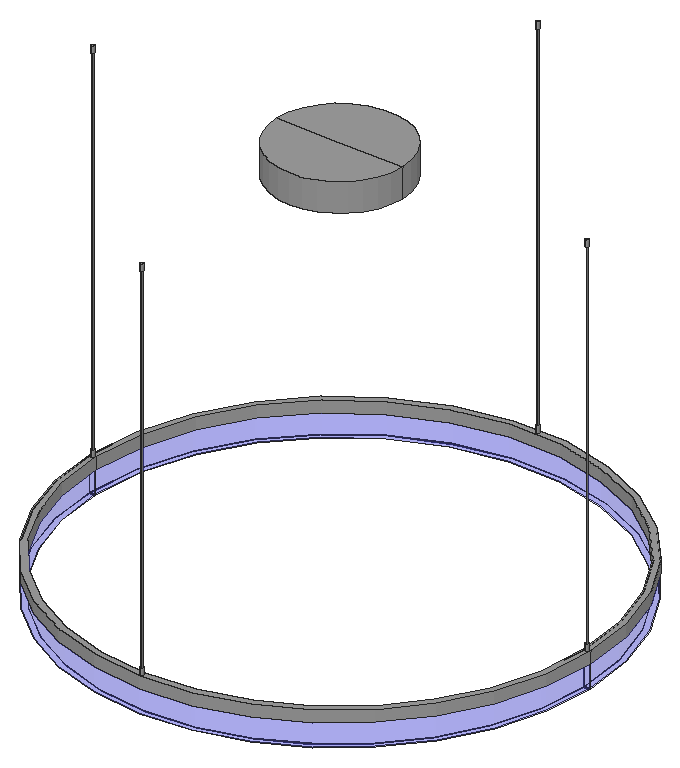
Revit family "Alcon-12272-1-40-Revit-Family", category Generic Models, host Ceiling, Revit 2025
Family settings
  Host = Ceiling
  Can host rebar = No
  Round Connector Dimension = Use Diameter
  Part Type = Normal
  Always vertical = Yes
  Cut with Voids When Loaded = No
  Maintain Annotation Orientation = No
  Shared = No
  Room Calculation Point = No
Parameters
  URL = "https://www.alconlighting.com/?srsltid=AfmBOooDPhGQ0dEP-X2PMtxFfvvWpIAEL4jCll_O2F4_to5onvhnBomy"
  Product Page = "https://www.alconlighting.com/redondo-12272-1.html"
  Model = "12272-1-32"
  Manufacturer = "Alcon Lighting"
  Lens = Glass
  Housing = Default
  Default Elevation = 0' - 0"
Reference planes (in)
  plane 1 "Center (Front/Back)": y = 0
  plane 2 "Ceiling": z = 96
  plane 3 "Center (Left/Right)": x = 0
Forms (in)
  Revolve 1, solid, material "Default" <- "Housing"
    sketch origin (0, 0, 0) x (1, 0, 0) y (0, 0, 1)
      loop
        line (0, 96) -> (0, 93.75) -> (5, 93.75) -> (5, 96) -> (0, 96)
      axis (0, 96) -> (0, 93.75)
    angle from 0 to 360
  Revolve 2, solid, material "Default" <- "Housing"
    sketch origin (0, 0, 0) x (1, 0, 0) y (0, 0, 1)
      loop
        line (19.5, 66.65) -> (19.5, 65.72813) -> (19.5625, 65.72813) -> (19.5625, 66.5875) -> (19.9375, 66.5875) -> (19.9375, 65.72813) -> (20, 65.72813) -> (20, 66.65) -> (19.5, 66.65)
      axis (0, 65.72813) -> (0, 66.65)
    angle from 0 to 360
  Revolve 3, solid, material "Glass" <- "Lens"
    sketch origin (0, 0, 0) x (1, 0, 0) y (0, 0, 1)
      loop
        line (19.5, 63.89) -> (20, 63.89) -> (20, 65.72813) -> (19.96875, 65.72813) -> (19.96875, 63.92125) -> (19.53125, 63.92125) -> (19.53125, 65.72813) -> (19.5, 65.72813) -> (19.5, 63.89)
      axis (0, 63.89) -> (0, 65.72813)
    angle from 0 to 360
  Revolve 4, solid, material "Default" <- "Housing"
    sketch origin (0, -32.29728, 0) x (0, 1, 0) y (0, 0, 1)
      loop
        line (12.55011, 66.65) -> (12.67511, 66.65) -> (12.67511, 67.1208) -> (12.55011, 67.1208) -> (12.55011, 66.65)
      axis (12.55011, 67.1208) -> (12.55011, 66.65)
    angle from 0 to 360
  Extrusion 5, solid, material "Default" <- "Housing"
    sketch origin (0, -19.74728, 92.90344) x (0, 1, 0) y (1, 0, 0)
      loop
        circle (0, 0) r 0.04922
    from -2.62576 to 25.78265
  Revolve 6, solid, material "Default" <- "Housing"
    sketch origin (0, -32.29728, 28.8792) x (0, 1, 0) y (0, 0, 1)
      loop
        line (12.55011, 66.65) -> (12.67511, 66.65) -> (12.67511, 67.1208) -> (12.55011, 67.1208) -> (12.55011, 66.65)
      axis (12.55011, 67.1208) -> (12.55011, 66.65)
    angle from 0 to 360
  Revolve 7, solid, material "Default" <- "Housing"
    sketch origin (0, 7.19587, 0) x (0, 1, 0) y (0, 0, 1)
      loop
        line (12.55011, 66.65) -> (12.67511, 66.65) -> (12.67511, 67.1208) -> (12.55011, 67.1208) -> (12.55011, 66.65)
      axis (12.55011, 67.1208) -> (12.55011, 66.65)
    angle from 0 to 360
  Extrusion 8, solid, material "Default" <- "Housing"
    sketch origin (0, 19.74587, 92.90344) x (0, 1, 0) y (1, 0, 0)
      loop
        circle (0, 0) r 0.04922
    from -2.62576 to 25.78265
  Revolve 9, solid, material "Default" <- "Housing"
    sketch origin (0, 7.19587, 28.8792) x (0, 1, 0) y (0, 0, 1)
      loop
        line (12.55011, 66.65) -> (12.67511, 66.65) -> (12.67511, 67.1208) -> (12.55011, 67.1208) -> (12.55011, 66.65)
      axis (12.55011, 67.1208) -> (12.55011, 66.65)
    angle from 0 to 360
  Revolve 10, solid, material "Default" <- "Housing"
    sketch origin (19.73156, -12.55011, 0) x (0, 1, 0) y (0, 0, 1)
      loop
        line (12.55011, 66.65) -> (12.67511, 66.65) -> (12.67511, 67.1208) -> (12.55011, 67.1208) -> (12.55011, 66.65)
      axis (12.55011, 67.1208) -> (12.55011, 66.65)
    angle from 0 to 360
  Extrusion 11, solid, material "Default" <- "Housing"
    sketch origin (19.73156, -0.00011, 92.90344) x (0, 1, 0) y (1, 0, 0)
      loop
        circle (0, 0) r 0.04922
    from -2.62576 to 25.78265
  Revolve 12, solid, material "Default" <- "Housing"
    sketch origin (19.73156, -12.55011, 28.8792) x (0, 1, 0) y (0, 0, 1)
      loop
        line (12.55011, 66.65) -> (12.67511, 66.65) -> (12.67511, 67.1208) -> (12.55011, 67.1208) -> (12.55011, 66.65)
      axis (12.55011, 67.1208) -> (12.55011, 66.65)
    angle from 0 to 360
  Revolve 13, solid, material "Default" <- "Housing"
    sketch origin (-19.71542, -12.55011, 0) x (0, 1, 0) y (0, 0, 1)
      loop
        line (12.55011, 66.65) -> (12.67511, 66.65) -> (12.67511, 67.1208) -> (12.55011, 67.1208) -> (12.55011, 66.65)
      axis (12.55011, 67.1208) -> (12.55011, 66.65)
    angle from 0 to 360
  Extrusion 14, solid, material "Default" <- "Housing"
    sketch origin (-19.71542, -0.00011, 92.90344) x (0, 1, 0) y (1, 0, 0)
      loop
        circle (0, 0) r 0.04922
    from -2.62576 to 25.78265
  Revolve 15, solid, material "Default" <- "Housing"
    sketch origin (-19.71542, -12.55011, 28.8792) x (0, 1, 0) y (0, 0, 1)
      loop
        line (12.55011, 66.65) -> (12.67511, 66.65) -> (12.67511, 67.1208) -> (12.55011, 67.1208) -> (12.55011, 66.65)
      axis (12.55011, 67.1208) -> (12.55011, 66.65)
    angle from 0 to 360
  Revolve 16, solid, material "Default" <- "Housing"
    sketch origin (-19.71542, -12.55011, 0) x (0, 1, 0) y (0, 0, 1)
      loop
        line (12.55011, 66.65) -> (12.67511, 66.65) -> (12.67511, 67.1208) -> (12.55011, 67.1208) -> (12.55011, 66.65)
      axis (12.55011, 67.1208) -> (12.55011, 66.65)
    angle from 0 to 360
  Extrusion 17, solid, material "Default" <- "Housing"
    sketch origin (-19.71542, -0.00011, 92.90344) x (0, 1, 0) y (1, 0, 0)
      loop
        circle (0, 0) r 0.04922
    from -2.62576 to 25.78265
  Revolve 18, solid, material "Default" <- "Housing"
    sketch origin (-19.71542, -12.55011, 28.8792) x (0, 1, 0) y (0, 0, 1)
      loop
        line (12.55011, 66.65) -> (12.67511, 66.65) -> (12.67511, 67.1208) -> (12.55011, 67.1208) -> (12.55011, 66.65)
      axis (12.55011, 67.1208) -> (12.55011, 66.65)
    angle from 0 to 360
Dimensions and locks (in)
  equal spacing: host sketch curve, plane 3 "Center (Left/Right)", host sketch curve
  equal spacing: host sketch curve, plane 1 "Center (Front/Back)", host sketch curve
  host sketch curve to host sketch curve = 10' - 0"  (x2)
  aligned and locked: Extrusion 5 to Revolve 4
  aligned and locked: Revolve 6 to Extrusion 5
  aligned and locked: Extrusion 8 to Revolve 7
  aligned and locked: Revolve 9 to Extrusion 8
  aligned and locked: Extrusion 11 to Revolve 10
  aligned and locked: Revolve 12 to Extrusion 11
  aligned and locked: Extrusion 14 to Revolve 13
  aligned and locked: Extrusion 17 to Revolve 16
  aligned and locked: Revolve 2 to Revolve 4
  aligned and locked: Revolve 10 to Revolve 2
  aligned and locked: Revolve 2 to Revolve 7
  aligned and locked: Revolve 2 to Revolve 16
